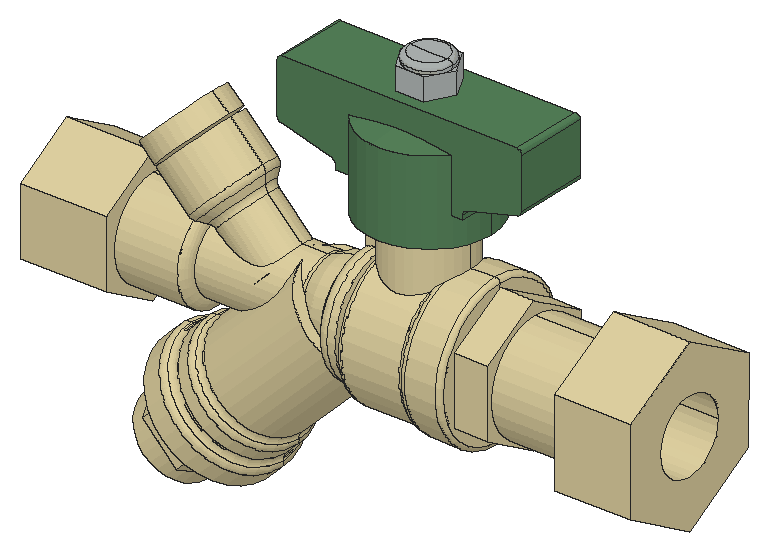
Revit family "QD36650000", category Apparecchi idraulici, Revit 2020
Family settings
  Quota connettore circolare = Usa diametro
  Tipo di parte = Normale
  Numero OmniClass = 23.45.00.00
  Titolo OmniClass = Sanitary, Laundry, and Cleaning Equipment
  Basato su piano di lavoro = No
  Sempre verticale = Sì
  Taglio con vuoti quando caricato = No
  Condiviso = No
  Punto di calcolo locali = No
Parameters
  URL = "https://web.cimberio.it/index.php/figura/1691?subcategoria_id=89"
  Temperatura di esercizio = "-20 ÷ 90°C"
  Prospetto di default = 0 mm
  Produttore = "CIMBERIO SPA"
  Pressione nominale = "PN 20"
  Modello = "Cim 627CRNL/1"
  Materiale = "Prodotto in lega di ottone conforme alla norma EN 12165-CW511L-DW nelle misure fino a 1\"1/4 e in lega di ottone conforme alla norma EN 1982-CC752S low lead nelle misure da 1\"1/2 a 2\""
  Descrizione = "Utilizzato nei più svariati settori dell'impiantistica: reti di distribuzione acqua potabile, impianti di riscaldamento, condizionamento, igienico-sanitari e in generale con ogni fluido non corrosivo."
  DN Model [instance] = QD36652099 : QD36652099
  DN [instance] = 15 mm
  Commenti sul tipo = "Realizzato in ottemperanza ai requisiti gestionali della norma EN ISO 9001.\r\nCollaudato al 100% secondo la normativa EN 12266-1"
Reference planes
  plane 1 "Centro (Fronte/Retro)": y = 0
  plane 2: z = 0
  plane 3 "Centro (Sinistra/Destra)": x = 0
Dimensions and locks
  aligned and locked: level to plane 2
Nested families
  nested 1: "QD36652099" at (0, 0, 0), type <- "DN Model", type "QD36652099"
    with Diametro DN singolo 15 mm, DN 10 mm
  nested 2: "QD36652099" at (0, 0, 0), type <- "DN Model", type "QD36652099"
    with Diametro DN singolo 20 mm, DN 10 mm
  nested 3: "QD36652099" at (0, 0, 0), type <- "DN Model", type "QD36652099"
    with Diametro DN singolo 20 mm, DN 10 mm
  nested 4: "QD36652099" at (0, 0, 0), type <- "DN Model", type "QD36652099"
    with Diametro DN singolo 25 mm, DN 10 mm
  nested 5: "QD36652099" at (0, 0, 0), type <- "DN Model", type "QD36652099"
    with Diametro DN singolo 25 mm, DN 10 mm
  nested 6: "QD36652099" at (0, 0, 0), type <- "DN Model", type "QD36652099"
    with Diametro DN singolo 32 mm, DN 10 mm
  nested 7: "QD36652099" at (0, 0, 0), type <- "DN Model", type "QD36652099"
    with Diametro DN singolo 32 mm, DN 10 mm
  nested 8: "QD36652099" at (0, 0, 0), type <- "DN Model", type "QD36652099"
    with Diametro DN singolo 32 mm, DN 10 mm
  nested 9: "QD36652099" at (0, 0, 0), type <- "DN Model", type "QD36652099"
    with Diametro DN singolo 40 mm, DN 10 mm
  nested 10: "QD36652099" at (0, 0, 0), type <- "DN Model", type "QD36652099"
    with Diametro DN singolo 40 mm, DN 10 mm
  nested 11: "QD36652099" at (0, 0, 0), type <- "DN Model", type "QD36652099"
    with Diametro DN singolo 50 mm, DN 10 mm
Connectors
  piping at (53.2, 0, 0), diameter 15, driven by "DN"
    settings: on nested 1, index 1, connector inside diameter 609.6 mm, connector length 0 mm, flow factor 0, pipe flow 0.0 L/s, pressure drop 0.0 Pa, fitting loss kfactor 0, connector angle 0.00°, fixture units 0, engagement length 0 mm, angle of deflection 0.00°, flow configuration 0, flow direction 0, fitting loss method 0, system type 7, joint type 0, gender type 0, connector reference index -1, connector utility 0, adjustable connector no, is connector primary yes, connector description ""
  piping at (-74, 0, 0), diameter 15, driven by "DN"
    settings: on nested 1, index 2, connector inside diameter 609.6 mm, connector length 0 mm, flow factor 0, pipe flow 0.0 L/s, pressure drop 0.0 Pa, fitting loss kfactor 0, connector angle 0.00°, fixture units 0, engagement length 0 mm, angle of deflection 0.00°, flow configuration 0, flow direction 0, fitting loss method 0, system type 7, joint type 0, gender type 0, connector reference index -1, connector utility 0, adjustable connector no, is connector primary no, connector description ""
Definition of nested family "QD36652099"
  Parameters (values of type "QD36652099")
    Default Elevation = 0 mm
    Diametro DN singolo [instance] = 15 mm
    DN [instance] = 10 mm  # constant formula
  Reference planes
    plane 1 "Centro (Fronte/Retro)": y = 0
    plane 2: z = 0
    plane 3 "Centro (Sinistra/Destra)": x = 0
  Forms (mm)
    Revolve 1, solid
      sketch origin (0, 0, 0.284) x (1, 0, 0) y (0, 0, 1)
        loop
          line (0, 51.516) -> (0, 49.733) -> (4.75, 49.733) -> (4.75, 50.516)
          arc (4.75, 50.516) -> (4.457, 51.223) -> (3.75, 51.516) r 1
          line (3.75, 51.516) -> (0, 51.516)
        axis (0, 51.516) -> (0, 49.733)
      angle from 0 to 360
    Revolve 2, solid
      sketch origin (0, 0, 0) x (1, 0, 0) y (0, 0, 1)
        loop
          line (14.5, -7.5) -> (-14.515, -7.5) -> (-14.515, -9.418)
          arc (-14.515, -9.418) -> (-13.96, -9.682) -> (-13.664, -10.221) r 1
          arc (-13.664, -10.221) -> (-13.426, -10.906) -> (-13, -11.494) r 2.5
          arc (-13, -11.494) -> (-12.177, -12.012) -> (-11.209, -12.098) r 2.073
          line (-11.209, -12.098) -> (-9.621, -12.098) -> (-7.332, -13.918)
          arc (-7.332, -13.918) -> (-6.994, -14.163) -> (-6.586, -14.25) r 1.005
          line (-6.586, -14.25) -> (5.249, -14.25)
          arc (5.249, -14.25) -> (5.659, -14.344) -> (6, -14.59) r 1.055
          arc (6, -14.59) -> (6.512, -14.96) -> (7.127, -15.1) r 1.583
          line (7.127, -15.1) -> (13.5, -15.25)
          arc (13.5, -15.25) -> (14.161, -15.002) -> (14.5, -14.383) r 1.015
          line (14.5, -14.383) -> (14.5, -7.5)
        axis (14.5, 0) -> (-14.515, 0)
      angle from 0 to 360
    Revolve 3, solid
      sketch origin (0, 0, 0) x (1, 0, 0) y (0, 0, 1)
        loop
          arc (-14.515, 9.418) -> (-17.326, 8.815) -> (-19.954, 7.651) r 14.005
          arc (-19.954, 7.651) -> (-20.338, 7.509) -> (-20.746, 7.5) r 1.237
          line (-20.746, 7.5) -> (-42.045, 7.5)
          arc (-42.045, 7.5) -> (-42.394, 8.941) -> (-43.413, 10.017) r 2.881
          line (-43.413, 10.017) -> (-56.412, 10.017) -> (-56.412, 6.5) -> (-14.515, 6.5) -> (-14.515, 9.418)
        axis (-56.412, 0) -> (-14.515, 0)
      angle from 0 to 360
    Extrusion 4, solid
      sketch origin (-11, 0, 0) x (0, 0, 1) y (0, 1, 0)
        loop
          circle (0, 0) r 7.5
        loop
          line (13.75, 0) -> (6.875, 11.908) -> (-6.875, 11.908) -> (-13.75, 0) -> (-6.875, -11.908) -> (6.875, -11.908) -> (13.75, 0)
      from 45.412 to 63
    Extrusion 5, solid
      sketch origin (66.912, 0, 0) x (0, 0, 1) y (0, 1, 0)
        loop
          circle (0, 0) r 7.5
        loop
          line (13.75, 0) -> (6.875, 11.908) -> (-6.875, 11.908) -> (-13.75, 0) -> (-6.875, -11.908) -> (6.875, -11.908) -> (13.75, 0)
      from 45.412 to 52.412
    Revolve 6, solid
      sketch origin (0, 0, 0) x (1, 0, 0) y (0, 0, 1)
        loop
          line (21.5, 11.1) -> (21.5, 7.5) -> (37.7, 7.5) -> (37.7, 11.1) -> (21.5, 11.1)
        axis (21.5, 0) -> (37.7, 0)
      angle from 0 to 360
    Extrusion 7, solid
      sketch origin (0, 0, 0) x (0, 1, 0) y (0, 0, 1)
        loop
          circle (0, 0) r 7.5
        loop
          line (0, 17.4) -> (-15.069, 8.7) -> (-15.069, -8.7) -> (0, -17.4) -> (15.069, -8.7) -> (15.069, 8.7) -> (0, 17.4)
      from 37.7 to 53.2
    Revolve 8, solid
      sketch origin (0, 0, 0) x (1, 0, 0) y (0, 0, 1)
        loop
          line (0, 27.296) -> (0, 10.626) -> (8.486, 10.626) -> (8.486, 27.296) -> (0, 27.296)
        axis (0, 27.296) -> (0, 10.626)
      angle from 0 to 360
    Extrusion 9, solid
      sketch origin (0, 0, 0) x (1, 0, 0) y (0, 0, 1)
        loop
          line (-8.5, 27.296) -> (-13, 27.296) -> (-13, 10.666) -> (-8.5, 10.666) -> (-8.5, 27.296)
      from -1.851 to 0
    Revolve 10, solid
      sketch origin (0, 0, 0) x (1, 0, 0) y (0, 0, 1)
        loop
          line (-40.565, 25.586) -> (-46.575, 19.575) -> (-29.447, 2.447) -> (-25.204, 6.69) -> (-32.849, 14.334)
          arc (-32.849, 14.334) -> (-33.282, 14.983) -> (-33.435, 15.748) r 2
          line (-33.435, 15.748) -> (-33.435, 17.627)
          arc (-33.435, 17.627) -> (-33.587, 18.392) -> (-34.02, 19.041) r 2
          line (-34.02, 19.041) -> (-40.565, 25.586)
        axis (-46.575, 19.575) -> (-29.447, 2.447)
      angle from 0 to 360
    Revolve 11, solid
      sketch origin (0, 0, 0) x (1, 0, 0) y (0, 0, 1)
        loop
          line (-43.27, -28.27) -> (-33.371, -38.17) -> (-30.337, -35.136)
          arc (-30.337, -35.136) -> (-29.888, -34.401) -> (-29.824, -33.542) r 1.833
          arc (-29.824, -33.542) -> (-29.712, -32.675) -> (-29.263, -31.941) r 1.833
          line (-29.263, -31.941) -> (-27.155, -29.832)
          arc (-27.155, -29.832) -> (-26.741, -29.196) -> (-26.62, -28.447) r 1.833
          arc (-26.62, -28.447) -> (-26.495, -27.698) -> (-26.081, -27.061) r 1.833
          line (-26.081, -27.061) -> (-7.868, -8.849) -> (-15.858, -0.858) -> (-43.27, -28.27)
        axis (-43.27, -28.27) -> (-15.858, -0.858)
      angle from 0 to 360
    Extrusion 12, solid
      sketch origin (-46.575, 0, 19.575) x (0.707107, 0, 0.707107) y (0, 1, 0)
        loop
          circle (0, 0) r 8.5
      from 0.5 to 5
    Extrusion 13, solid
      sketch origin (-43.27, 0, -28.27) x (0, 1, 0) y (0.707107, 0, -0.707107)
        loop
          line (0, -9.85) -> (8.53, -4.925) -> (8.53, 4.925) -> (0, 9.85) -> (-8.53, 4.925) -> (-8.53, -4.925) -> (0, -9.85)
      from 0 to 7
    Revolve 14, solid
      sketch origin (0, 0, 0) x (1, 0, 0) y (0, 0, 1)
        loop
          line (12.882, 22.799) -> (12.882, 39.858)
          arc (12.882, 39.858) -> (6.493, 41.103) -> (0, 41.57) r 53.993
          line (0, 41.57) -> (0, 28.799) -> (1.6, 28.799) -> (1.6, 22.799) -> (12.882, 22.799)
        axis (0, 41.57) -> (0, 22.799)
      angle from 0 to 360
    Extrusion 15, solid
      sketch origin (0, 0, 0) x (1, 0, 0) y (0, 0, 1)
        loop
          arc (-25, 34.567) -> (-24.793, 33.958) -> (-24.259, 33.601) r 1
          line (-24.259, 33.601) -> (-13.742, 30.783)
          arc (-13.742, 30.783) -> (-13.207, 30.426) -> (-13, 29.817) r 1
          line (-13, 29.817) -> (-13, 28.799) -> (13, 28.799) -> (13, 29.817)
          arc (13, 29.817) -> (13.206, 30.425) -> (13.74, 30.782) r 1
          line (13.74, 30.782) -> (24.259, 33.601)
          arc (24.259, 33.601) -> (24.793, 33.958) -> (25, 34.567) r 1
          line (25, 34.567) -> (25, 44.799)
          arc (25, 44.799) -> (24.707, 45.507) -> (24, 45.799) r 1
          line (24, 45.799) -> (-24, 45.799)
          arc (-24, 45.799) -> (-24.707, 45.507) -> (-25, 44.799) r 1
          line (-25, 44.799) -> (-25, 34.567)
      from -7.362 to 7.513
    Extrusion 16, solid
      sketch origin (0, 0, 28.55) x (1, 0, 0) y (0, 1, 0)
        loop
          line (5.774, 0) -> (2.887, 5) -> (-2.887, 5) -> (-5.774, 0) -> (-2.887, -5) -> (2.887, -5) -> (5.774, 0)
      from 17.249 to 21.749
    Extrusion 17, solid
      sketch origin (-47.893, 0, -32.839) x (-0.707107, 0, 0.707107) y (0, 1, 0)
        loop
          circle (0, 0) r 8.5
      from 0.5 to 5
  Dimensions and locks
    "Diametro DN singolo": diameter of Extrusion 4
    aligned and locked: level to plane 2
  Automatic sketch dimensions
    Revolve 1 sketch curve to plane 3 "Centro (Sinistra/Destra)" = 0 mm  (x2)
    plane 3 "Centro (Sinistra/Destra)" to Revolve 1 sketch curve = 3.75 mm
    Revolve 1 sketch curve to Revolve 1 sketch curve = 0 mm
    Revolve 1 sketch curve to Revolve 1 sketch curve = 1 mm
    level to Revolve 1 sketch curve = 50.016 mm
    Revolve 1 sketch curve to Revolve 1 sketch curve = 0.783 mm
    Revolve 1 sketch curve to Revolve 1 sketch curve = 1.783 mm
    Revolve 1 sketch curve to Revolve 1 sketch curve = 1.437 mm
    Revolve 1 sketch curve to Revolve 1 sketch curve = 1.354 mm
    Revolve 2 sketch curve to level = 0 mm
    Revolve 2 sketch curve to plane 3 "Centro (Sinistra/Destra)" = 14.647 mm
    Revolve 2 sketch curve to Revolve 2 sketch curve = 0.132 mm
    Revolve 2 sketch curve to Revolve 2 sketch curve = 3 mm
    Revolve 2 sketch curve to Revolve 2 sketch curve = 0.306 mm  (x2)
    Revolve 2 sketch curve to Revolve 2 sketch curve = 1.588 mm
    Revolve 2 sketch curve to Revolve 2 sketch curve = 2.289 mm
    Revolve 2 sketch curve to Revolve 2 sketch curve = 0.747 mm
    plane 3 "Centro (Sinistra/Destra)" to Revolve 2 sketch curve = 5.224 mm
    Revolve 2 sketch curve to Revolve 2 sketch curve = 0.025 mm
    Revolve 2 sketch curve to Revolve 2 sketch curve = 1.903 mm
    Revolve 2 sketch curve to Revolve 2 sketch curve = 0.037 mm
    Revolve 2 sketch curve to Revolve 2 sketch curve = 6.332 mm
    Revolve 2 sketch curve to Revolve 2 sketch curve = 0.004 mm
    Revolve 2 sketch curve to Revolve 2 sketch curve = 1.004 mm
    Revolve 2 sketch curve to level = 7.5 mm
    Revolve 2 sketch curve to Revolve 2 sketch curve = 1.918 mm
    Revolve 2 sketch curve to Revolve 2 sketch curve = 0.332 mm
    Revolve 2 sketch curve to Revolve 2 sketch curve = 0.298 mm
    Revolve 2 sketch curve to Revolve 2 sketch curve = 0.991 mm
    Revolve 2 sketch curve to Revolve 2 sketch curve = 2.051 mm
    Revolve 2 sketch curve to Revolve 2 sketch curve = 1.147 mm
    Revolve 2 sketch curve to Revolve 2 sketch curve = 6.018 mm
    Revolve 2 sketch curve to Revolve 2 sketch curve = 0.672 mm
    Revolve 2 sketch curve to Revolve 2 sketch curve = 0.718 mm
    Revolve 2 sketch curve to Revolve 2 sketch curve = 0.148 mm
    Revolve 2 sketch curve to Revolve 2 sketch curve = 1.582 mm
    Revolve 2 sketch curve to Revolve 2 sketch curve = 1.055 mm
    Revolve 2 sketch curve to Revolve 2 sketch curve = 63.049 mm
    Revolve 2 sketch curve to Revolve 2 sketch curve = 0 mm
    Revolve 2 sketch curve to Revolve 2 sketch curve = 45.5 mm
    Revolve 3 sketch curve to level = 0 mm
    level to Revolve 3 sketch curve = 10.017 mm
    Revolve 3 sketch curve to plane 3 "Centro (Sinistra/Destra)" = 56.412 mm
    Revolve 3 sketch curve to Revolve 3 sketch curve = 11.487 mm
    Revolve 3 sketch curve to Revolve 3 sketch curve = 1.512 mm
    Revolve 3 sketch curve to Revolve 3 sketch curve = 1.368 mm
    level to Revolve 3 sketch curve = 7.5 mm
    Revolve 3 sketch curve to plane 3 "Centro (Sinistra/Destra)" = 20.746 mm
    Revolve 3 sketch curve to Revolve 3 sketch curve = 0.177 mm
    Revolve 3 sketch curve to Revolve 3 sketch curve = 6.231 mm
    Revolve 3 sketch curve to level = 4.505 mm
    Revolve 3 sketch curve to Revolve 3 sketch curve = 1.517 mm
    Revolve 3 sketch curve to Revolve 3 sketch curve = 1 mm
    Revolve 3 sketch curve to Revolve 3 sketch curve = 1.224 mm
    Revolve 3 sketch curve to Revolve 3 sketch curve = 2.918 mm
    Revolve 3 sketch curve to Revolve 3 sketch curve = 19.589 mm
    Revolve 3 sketch curve to Revolve 3 sketch curve = 5.665 mm
    Extrusion 4 sketch curve to plane 1 "Centro (Fronte/Retro)" = 0 mm  (x3)
    Extrusion 4 sketch curve to level = 0 mm
    Extrusion 4 sketch curve to level = 6.875 mm  (x2)
    Extrusion 4 sketch curve to Extrusion 4 sketch curve = 6.875 mm  (x2)
    level to Extrusion 4 sketch curve = 6.875 mm  (x2)
    plane 1 "Centro (Fronte/Retro)" to Extrusion 4 sketch curve = 11.908 mm
    Extrusion 4 sketch curve to plane 1 "Centro (Fronte/Retro)" = 11.908 mm
    Extrusion 5 sketch curve to plane 1 "Centro (Fronte/Retro)" = 0 mm  (x3)
    Extrusion 5 sketch curve to level = 0 mm
    Extrusion 5 sketch curve to level = 6.875 mm  (x2)
    Extrusion 5 sketch curve to Extrusion 5 sketch curve = 6.875 mm
    level to Extrusion 5 sketch curve = 6.875 mm  (x2)
    level to Extrusion 5 sketch curve = 13.75 mm
    plane 1 "Centro (Fronte/Retro)" to Extrusion 5 sketch curve = 11.908 mm
    Extrusion 5 sketch curve to plane 1 "Centro (Fronte/Retro)" = 11.908 mm
    Revolve 6 sketch curve to level = 0 mm
    level to Revolve 6 sketch curve = 7.5 mm
    plane 3 "Centro (Sinistra/Destra)" to Revolve 6 sketch curve = 21.5 mm
    Revolve 6 sketch curve to Revolve 6 sketch curve = 16.2 mm
    Revolve 6 sketch curve to Revolve 6 sketch curve = 3.6 mm
    plane 3 "Centro (Sinistra/Destra)" to Revolve 6 sketch curve = 11.331 mm
    Revolve 6 sketch curve to Revolve 6 sketch curve = 6.509 mm
    Extrusion 7 sketch curve to plane 1 "Centro (Fronte/Retro)" = 0 mm  (x3)
    Extrusion 7 sketch curve to level = 0 mm
    plane 1 "Centro (Fronte/Retro)" to Extrusion 7 sketch curve = 15.069 mm
    Extrusion 7 sketch curve to plane 1 "Centro (Fronte/Retro)" = 15.069 mm
    Extrusion 7 sketch curve to level = 8.7 mm  (x2)
    Extrusion 7 sketch curve to Extrusion 7 sketch curve = 8.7 mm  (x2)
    level to Extrusion 7 sketch curve = 8.7 mm  (x2)
    Revolve 8 sketch curve to plane 3 "Centro (Sinistra/Destra)" = 0 mm  (x2)
    plane 3 "Centro (Sinistra/Destra)" to Revolve 8 sketch curve = 8.486 mm
    level to Revolve 8 sketch curve = 10.626 mm
    Revolve 8 sketch curve to Revolve 8 sketch curve = 16.67 mm
    Revolve 8 sketch curve to Revolve 8 sketch curve = 2.75 mm
    Revolve 8 sketch curve to Revolve 8 sketch curve = 5.818 mm
    Extrusion 9 sketch curve to plane 3 "Centro (Sinistra/Destra)" = 13 mm
    Extrusion 9 sketch curve to Extrusion 9 sketch curve = 4.5 mm
    level to Extrusion 9 sketch curve = 10.666 mm
    Extrusion 9 sketch curve to Extrusion 9 sketch curve = 16.631 mm
    level to Revolve 10 sketch curve = 19.575 mm
    Revolve 10 sketch curve to plane 3 "Centro (Sinistra/Destra)" = 46.575 mm
    level to Revolve 10 sketch curve = 25.586 mm
    Revolve 10 sketch curve to Revolve 10 sketch curve = 6.01 mm
    Revolve 10 sketch curve to Revolve 10 sketch curve = 5.13 mm
    level to Revolve 10 sketch curve = 19.041 mm
    Revolve 10 sketch curve to Revolve 10 sketch curve = 2 mm
    level to Revolve 10 sketch curve = 14.334 mm
    Revolve 10 sketch curve to Revolve 10 sketch curve = 0.586 mm
    Revolve 10 sketch curve to Revolve 10 sketch curve = 1.414 mm
    level to Revolve 10 sketch curve = 2.447 mm
    level to Revolve 10 sketch curve = 20.45 mm
    Revolve 10 sketch curve to Revolve 10 sketch curve = 0.875 mm
    level to Revolve 10 sketch curve = 1.545 mm
    Revolve 10 sketch curve to Revolve 10 sketch curve = 0.902 mm
    Revolve 11 sketch curve to level = 0 mm
    Revolve 11 sketch curve to plane 3 "Centro (Sinistra/Destra)" = 43.27 mm
    Revolve 11 sketch curve to Revolve 11 sketch curve = 9.899 mm
    Revolve 11 sketch curve to Revolve 11 sketch curve = 1.738 mm
    Revolve 11 sketch curve to Revolve 11 sketch curve = 1.296 mm  (x8)
    Revolve 11 sketch curve to Revolve 11 sketch curve = 2.37 mm  (x2)
    Revolve 11 sketch curve to Revolve 11 sketch curve = 0.812 mm
    Revolve 11 sketch curve to level = 0.858 mm
    Revolve 11 sketch curve to plane 3 "Centro (Sinistra/Destra)" = 15.858 mm
    Revolve 11 sketch curve to level = 8.849 mm
    Revolve 11 sketch curve to plane 3 "Centro (Sinistra/Destra)" = 7.868 mm
    Revolve 11 sketch curve to Revolve 11 sketch curve = 1.899 mm
    Revolve 11 sketch curve to Revolve 11 sketch curve = 2.771 mm
    Revolve 11 sketch curve to Revolve 11 sketch curve = 2.191 mm  (x2)
    Revolve 11 sketch curve to Revolve 11 sketch curve = 0.513 mm
    Revolve 11 sketch curve to Revolve 11 sketch curve = 0.049 mm
    Revolve 11 sketch curve to Revolve 11 sketch curve = 0.535 mm
    Revolve 11 sketch curve to Revolve 11 sketch curve = 0.004 mm
    Revolve 11 sketch curve to Revolve 11 sketch curve = 0.858 mm
    Extrusion 12 sketch curve to Extrusion 12 sketch curve = 0 mm  (x2)
    plane 1 "Centro (Fronte/Retro)" to Extrusion 12 sketch curve = 0 mm
    Extrusion 12 sketch curve to Extrusion 12 sketch curve = 8.5 mm
    Extrusion 13 sketch curve to Revolve 11 = 0 mm  (x2)
    Revolve 11 to Extrusion 13 sketch curve = 8.53 mm
    Extrusion 13 sketch curve to Revolve 11 = 8.53 mm
    Extrusion 13 sketch curve to Extrusion 13 sketch curve = 4.925 mm  (x3)
    Extrusion 13 sketch curve to Extrusion 13 sketch curve = 9.85 mm  (x2)
    Revolve 14 sketch curve to plane 3 "Centro (Sinistra/Destra)" = 0 mm  (x2)
    Revolve 14 sketch curve to plane 3 "Centro (Sinistra/Destra)" = 0.619 mm
    plane 3 "Centro (Sinistra/Destra)" to Revolve 14 sketch curve = 1.6 mm
    Revolve 14 sketch curve to Revolve 14 sketch curve = 11.282 mm
    Revolve 14 sketch curve to level = 12.42 mm
    level to Revolve 14 sketch curve = 22.799 mm
    Revolve 14 sketch curve to Revolve 14 sketch curve = 6 mm
    Revolve 14 sketch curve to Revolve 14 sketch curve = 11.059 mm
    Revolve 14 sketch curve to Revolve 14 sketch curve = 5.919 mm
    Revolve 14 sketch curve to Revolve 14 sketch curve = 11.639 mm
    Extrusion 15 sketch curve to plane 3 "Centro (Sinistra/Destra)" = 24 mm
    Extrusion 15 sketch curve to Extrusion 15 sketch curve = 0 mm  (x15)
    Extrusion 15 sketch curve to Extrusion 15 sketch curve = 10 mm
    Extrusion 15 sketch curve to Extrusion 15 sketch curve = 0.258 mm
    Extrusion 15 sketch curve to Extrusion 15 sketch curve = 1 mm  (x6)
    plane 3 "Centro (Sinistra/Destra)" to Extrusion 15 sketch curve = 13 mm
    Extrusion 15 sketch curve to Extrusion 15 sketch curve = 0.74 mm
    Extrusion 15 sketch curve to Extrusion 15 sketch curve = 10.26 mm
    level to Extrusion 15 sketch curve = 28.799 mm
    Extrusion 15 sketch curve to Extrusion 15 sketch curve = 1.017 mm  (x2)
    Extrusion 15 sketch curve to Extrusion 15 sketch curve = 3.784 mm  (x2)
    Extrusion 15 sketch curve to Extrusion 15 sketch curve = 10.233 mm  (x2)
    Extrusion 15 sketch curve to Extrusion 15 sketch curve = 0.259 mm  (x2)
    plane 1 "Centro (Fronte/Retro)" to Extrusion 16 sketch curve = 0 mm  (x2)
    Extrusion 16 sketch curve to plane 3 "Centro (Sinistra/Destra)" = 5.774 mm
    Extrusion 16 sketch curve to plane 3 "Centro (Sinistra/Destra)" = 2.887 mm  (x2)
    plane 3 "Centro (Sinistra/Destra)" to Extrusion 16 sketch curve = 2.887 mm  (x2)
    Extrusion 16 sketch curve to Extrusion 16 sketch curve = 2.887 mm
    plane 1 "Centro (Fronte/Retro)" to Extrusion 16 sketch curve = 5 mm
    Extrusion 16 sketch curve to plane 1 "Centro (Fronte/Retro)" = 5 mm
    Extrusion 17 sketch curve to Extrusion 17 sketch curve = 0 mm  (x2)
    Extrusion 17 sketch curve to plane 1 "Centro (Fronte/Retro)" = 0 mm
    Extrusion 17 sketch curve to Extrusion 17 sketch curve = 8.5 mm
    radius of Extrusion 4 sketch curve = 7.5 mm
    radius of Extrusion 5 sketch curve = 7.5 mm
    radius of Extrusion 7 sketch curve = 7.5 mm
